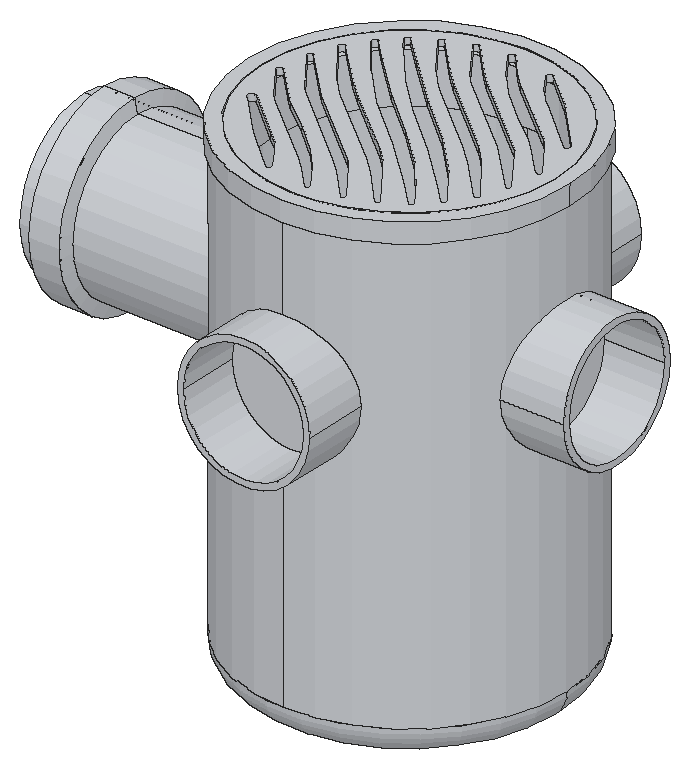
Revit family "Caixa Sifonada Montada_100x150x50 Completa - Caixas e Ralos - Esgoto - MEP - Tigre", category Plumbing Fixtures, host Face, Revit 2011 (continued)
Automatic sketch dimensions
  Extrusion 11 sketch curve to Extrusion 11 sketch curve = 2.231 mm
  Extrusion 11 sketch curve to Extrusion 11 sketch curve = 2.515 mm  (x2)
  Extrusion 11 sketch curve to Extrusion 11 sketch curve = 0.565 mm  (x2)
  Extrusion 11 sketch curve to Extrusion 11 sketch curve = 5.226 mm  (x2)
  Extrusion 11 sketch curve to Extrusion 11 sketch curve = 2.545 mm  (x2)
  Extrusion 11 sketch curve to Extrusion 11 sketch curve = 1.21 mm  (x2)
  Extrusion 11 sketch curve to plane 1 "Center (Front/Back)" = 7.515 mm
  Extrusion 11 sketch curve to Extrusion 11 sketch curve = 1.934 mm  (x2)
  Extrusion 11 sketch curve to Extrusion 11 sketch curve = 3.641 mm  (x2)
  Extrusion 11 sketch curve to plane 1 "Center (Front/Back)" = 4.594 mm
  Extrusion 11 sketch curve to plane 3 "Center (Left/Right)" = 2.394 mm
  Extrusion 11 sketch curve to plane 1 "Center (Front/Back)" = 4.455 mm
  Extrusion 11 sketch curve to Extrusion 11 sketch curve = 1.893 mm  (x2)
  Extrusion 11 sketch curve to plane 1 "Center (Front/Back)" = 3.468 mm
  Extrusion 11 sketch curve to plane 1 "Center (Front/Back)" = 3.154 mm
  Extrusion 11 sketch curve to plane 1 "Center (Front/Back)" = 2.444 mm
  Extrusion 11 sketch curve to plane 1 "Center (Front/Back)" = 2.421 mm
  Extrusion 11 sketch curve to plane 1 "Center (Front/Back)" = 1.747 mm
  Extrusion 11 sketch curve to plane 1 "Center (Front/Back)" = 1.745 mm
  Extrusion 11 sketch curve to plane 1 "Center (Front/Back)" = 0.953 mm
  Extrusion 11 sketch curve to plane 1 "Center (Front/Back)" = 0.562 mm
  Extrusion 11 sketch curve to plane 1 "Center (Front/Back)" = 0.375 mm
  Extrusion 11 sketch curve to plane 1 "Center (Front/Back)" = 0.24 mm
  plane 1 "Center (Front/Back)" to Extrusion 11 sketch curve = 0.24 mm
  plane 1 "Center (Front/Back)" to Extrusion 11 sketch curve = 0.375 mm
  plane 1 "Center (Front/Back)" to Extrusion 11 sketch curve = 0.562 mm
  plane 1 "Center (Front/Back)" to Extrusion 11 sketch curve = 0.953 mm
  plane 1 "Center (Front/Back)" to Extrusion 11 sketch curve = 1.745 mm
  plane 1 "Center (Front/Back)" to Extrusion 11 sketch curve = 1.747 mm
  Extrusion 11 sketch curve to Extrusion 11 sketch curve = 1.859 mm
  plane 1 "Center (Front/Back)" to Extrusion 11 sketch curve = 2.444 mm
  plane 1 "Center (Front/Back)" to Extrusion 11 sketch curve = 3.154 mm
  Extrusion 11 sketch curve to Extrusion 11 sketch curve = 1.723 mm
  plane 1 "Center (Front/Back)" to Extrusion 11 sketch curve = 3.601 mm
  plane 1 "Center (Front/Back)" to Extrusion 11 sketch curve = 4.455 mm
  plane 1 "Center (Front/Back)" to Extrusion 11 sketch curve = 4.594 mm
  plane 1 "Center (Front/Back)" to Extrusion 11 sketch curve = 5.581 mm
  Extrusion 11 sketch curve to Extrusion 11 sketch curve = 6.146 mm
  Extrusion 11 sketch curve to Extrusion 11 sketch curve = 9.597 mm
  Extrusion 11 sketch curve to Extrusion 11 sketch curve = 2.261 mm  (x2)
  plane 3 "Center (Left/Right)" to Extrusion 11 sketch curve = 3.453 mm
  Extrusion 11 sketch curve to Extrusion 11 sketch curve = 7.401 mm
  Extrusion 11 sketch curve to Extrusion 11 sketch curve = 2.972 mm
  Extrusion 11 sketch curve to Extrusion 11 sketch curve = 7.628 mm
  Extrusion 11 sketch curve to Extrusion 11 sketch curve = 7.456 mm
  Extrusion 11 sketch curve to Extrusion 11 sketch curve = 3.032 mm
  plane 3 "Center (Left/Right)" to Extrusion 11 sketch curve = 0.007 mm
  Extrusion 11 sketch curve to Extrusion 11 sketch curve = 0.488 mm
  Extrusion 11 sketch curve to plane 3 "Center (Left/Right)" = 3.101 mm
  Extrusion 11 sketch curve to Extrusion 11 sketch curve = 2.756 mm
  Extrusion 11 sketch curve to Extrusion 11 sketch curve = 0.836 mm
  plane 3 "Center (Left/Right)" to Extrusion 11 sketch curve = 2.701 mm
  Extrusion 11 sketch curve to Extrusion 11 sketch curve = 1.593 mm
  plane 3 "Center (Left/Right)" to Extrusion 11 sketch curve = 1.35 mm
  Extrusion 11 sketch curve to plane 3 "Center (Left/Right)" = 17.095 mm
  Extrusion 11 sketch curve to Extrusion 11 sketch curve = 1.431 mm
  plane 3 "Center (Left/Right)" to Extrusion 11 sketch curve = 19.405 mm
  plane 3 "Center (Left/Right)" to Extrusion 11 sketch curve = 12.072 mm
  plane 3 "Center (Left/Right)" to Extrusion 11 sketch curve = 10.653 mm
  plane 3 "Center (Left/Right)" to Extrusion 11 sketch curve = 1.499 mm
  plane 3 "Center (Left/Right)" to Extrusion 11 sketch curve = 0.716 mm
  plane 3 "Center (Left/Right)" to Extrusion 11 sketch curve = 0.012 mm
  Extrusion 11 sketch curve to Extrusion 11 sketch curve = 18.882 mm
  Extrusion 11 sketch curve to Extrusion 11 sketch curve = 1.974 mm
  Extrusion 11 sketch curve to Extrusion 11 sketch curve = 1.743 mm
  Extrusion 11 sketch curve to Extrusion 11 sketch curve = 53.478 mm
  Extrusion 11 sketch curve to Extrusion 11 sketch curve = 127.934 mm
  Extrusion 11 sketch curve to Extrusion 11 sketch curve = 82.855 mm
  Extrusion 11 sketch curve to Extrusion 11 sketch curve = 34.462 mm
  Extrusion 11 sketch curve to Extrusion 11 sketch curve = 0.268 mm
  Extrusion 11 sketch curve to Extrusion 11 sketch curve = 35.178 mm
  Extrusion 11 sketch curve to Extrusion 11 sketch curve = 0.325 mm
  Extrusion 11 sketch curve to Extrusion 11 sketch curve = 23.673 mm
  Extrusion 11 sketch curve to Extrusion 11 sketch curve = 0.823 mm
  Extrusion 11 sketch curve to Extrusion 11 sketch curve = 0.012 mm  (x2)
  Extrusion 11 sketch curve to Extrusion 11 sketch curve = 0.756 mm
  Extrusion 11 sketch curve to Extrusion 11 sketch curve = 3.003 mm
  Extrusion 11 sketch curve to Extrusion 11 sketch curve = 4.827 mm
  Extrusion 11 sketch curve to Extrusion 11 sketch curve = 1.906 mm  (x2)
  Extrusion 11 sketch curve to Extrusion 11 sketch curve = 0.843 mm
  Extrusion 11 sketch curve to Extrusion 11 sketch curve = 1.424 mm
  Extrusion 11 sketch curve to Extrusion 11 sketch curve = 3.414 mm
  Extrusion 11 sketch curve to Extrusion 11 sketch curve = 3.509 mm  (x2)
  Extrusion 11 sketch curve to Extrusion 11 sketch curve = 2.376 mm
  Extrusion 11 sketch curve to Extrusion 11 sketch curve = 0.783 mm
  Extrusion 11 sketch curve to Extrusion 11 sketch curve = 2.211 mm
  Extrusion 11 sketch curve to Extrusion 11 sketch curve = 3.072 mm
  Extrusion 11 sketch curve to Extrusion 11 sketch curve = 0.838 mm
  Extrusion 11 sketch curve to Extrusion 11 sketch curve = 9.255 mm
  Extrusion 11 sketch curve to Extrusion 11 sketch curve = 1.789 mm
  Extrusion 11 sketch curve to Extrusion 11 sketch curve = 2.826 mm
  Extrusion 11 sketch curve to Extrusion 11 sketch curve = 5.511 mm
  Extrusion 11 sketch curve to Extrusion 11 sketch curve = 5.579 mm
  Extrusion 11 sketch curve to Extrusion 11 sketch curve = 4.311 mm  (x2)
  Extrusion 11 sketch curve to Extrusion 11 sketch curve = 4.189 mm
  Extrusion 11 sketch curve to Extrusion 11 sketch curve = 3.575 mm
  Extrusion 11 sketch curve to Extrusion 11 sketch curve = 0.766 mm
  Extrusion 11 sketch curve to Extrusion 11 sketch curve = 5.526 mm
  Extrusion 11 sketch curve to Extrusion 11 sketch curve = 1.848 mm
  Extrusion 11 sketch curve to Extrusion 11 sketch curve = 1.872 mm  (x2)
  Extrusion 11 sketch curve to Extrusion 11 sketch curve = 2.523 mm
  Extrusion 11 sketch curve to Extrusion 11 sketch curve = 2.048 mm
  Extrusion 11 sketch curve to Extrusion 11 sketch curve = 3.624 mm
  Extrusion 11 sketch curve to Extrusion 11 sketch curve = 1.291 mm  (x2)
  Extrusion 11 sketch curve to Extrusion 11 sketch curve = 6.114 mm
  Extrusion 11 sketch curve to Extrusion 11 sketch curve = 0.705 mm
  Extrusion 11 sketch curve to Extrusion 11 sketch curve = 4.23 mm
  Extrusion 11 sketch curve to Extrusion 11 sketch curve = 7.599 mm
  Extrusion 11 sketch curve to Extrusion 11 sketch curve = 4.028 mm
  Extrusion 11 sketch curve to Extrusion 11 sketch curve = 0.682 mm
  Extrusion 11 sketch curve to Extrusion 11 sketch curve = 5.741 mm  (x2)
  Extrusion 11 sketch curve to Extrusion 11 sketch curve = 0.63 mm  (x2)
  Extrusion 11 sketch curve to Extrusion 11 sketch curve = 0.745 mm
  Extrusion 11 sketch curve to Extrusion 11 sketch curve = 2.732 mm
  Extrusion 11 sketch curve to Extrusion 11 sketch curve = 0.182 mm
  Extrusion 11 sketch curve to plane 3 "Center (Left/Right)" = 5.67 mm
  Extrusion 11 sketch curve to Extrusion 11 sketch curve = 0.539 mm
  Extrusion 11 sketch curve to plane 3 "Center (Left/Right)" = 3.516 mm
  Extrusion 11 sketch curve to plane 3 "Center (Left/Right)" = 1.499 mm
  plane 3 "Center (Left/Right)" to Extrusion 11 sketch curve = 2.394 mm
  plane 3 "Center (Left/Right)" to Extrusion 11 sketch curve = 3.025 mm
  plane 3 "Center (Left/Right)" to Extrusion 11 sketch curve = 3.516 mm
  Extrusion 11 sketch curve to Extrusion 11 sketch curve = 7.211 mm
  Extrusion 11 sketch curve to Extrusion 11 sketch curve = 1.885 mm
  Extrusion 11 sketch curve to Extrusion 11 sketch curve = 2.495 mm
  Extrusion 11 sketch curve to Extrusion 11 sketch curve = 0.384 mm
  Extrusion 11 sketch curve to Extrusion 11 sketch curve = 0.851 mm
  Extrusion 11 sketch curve to Extrusion 11 sketch curve = 0.644 mm
  Extrusion 11 sketch curve to Extrusion 11 sketch curve = 3.877 mm
  Extrusion 11 sketch curve to Extrusion 11 sketch curve = 0.353 mm
  Extrusion 11 sketch curve to Extrusion 11 sketch curve = 2.341 mm
  Extrusion 11 sketch curve to Extrusion 11 sketch curve = 1.081 mm
  Extrusion 11 sketch curve to Extrusion 11 sketch curve = 3.779 mm
  Extrusion 11 sketch curve to Extrusion 11 sketch curve = 2.13 mm
  Extrusion 11 sketch curve to Extrusion 11 sketch curve = 0.715 mm
  Extrusion 11 sketch curve to Extrusion 11 sketch curve = 3.522 mm
  Extrusion 11 sketch curve to Extrusion 11 sketch curve = 0.77 mm
  Extrusion 11 sketch curve to Extrusion 11 sketch curve = 0.679 mm
  Extrusion 11 sketch curve to Extrusion 11 sketch curve = 0.739 mm
  Extrusion 11 sketch curve to Extrusion 11 sketch curve = 18.94 mm
  Extrusion 12 sketch curve to plane 1 "Center (Front/Back)" = 50.00 mm
  Extrusion 12 sketch curve to Extrusion 12 sketch curve = 2.50 mm  (x4)
  plane 1 "Center (Front/Back)" to Extrusion 12 sketch curve = 47.50 mm
  Extrusion 12 sketch curve to plane 3 "Center (Left/Right)" = 50.00 mm
  plane 3 "Center (Left/Right)" to Extrusion 12 sketch curve = 47.50 mm
  plane 1 "Center (Front/Back)" to Extrusion 13 sketch curve = 0.00 mm
  Extrusion 13 sketch curve to plane 3 "Center (Left/Right)" = 0.00 mm
  Extrusion 13 sketch curve to plane 1 "Center (Front/Back)" = 47.50 mm
  plane 1 "Center (Front/Back)" to Extrusion 13 sketch curve = 47.50 mm
  Extrusion 13 sketch curve to plane 3 "Center (Left/Right)" = 47.50 mm
  plane 3 "Center (Left/Right)" to Extrusion 13 sketch curve = 47.50 mm
  Sweep 14 sketch curve to Sweep 14 sketch curve = 0.00 mm  (x2)
  plane 1 "Center (Front/Back)" to Sweep 14 sketch curve = 0.00 mm
  Sweep 14 sketch curve to profile plane = 0.00 mm
  Revolve 15 sketch curve to plane 3 "Center (Left/Right)" = 46.47 mm
  Revolve 15 sketch curve to Revolve 15 sketch curve = 1.278 mm
  Revolve 15 sketch curve to Revolve 15 sketch curve = 1.002 mm
  Revolve 15 sketch curve to plane 5 = 0.734 mm
  Revolve 15 sketch curve to plane 9 = 1.734 mm
  Sweep 16 sketch curve to Sweep 16 sketch curve = 0.00 mm  (x2)
  plane 1 "Center (Front/Back)" to Sweep 16 sketch curve = 0.00 mm
  Sweep 16 sketch curve to profile plane = 0.00 mm
  plane 1 "Center (Front/Back)" to Sweep 17 sketch curve = 0.00 mm
  plane 3 "Center (Left/Right)" to Sweep 17 sketch curve = 48.75 mm
  Sweep 17 sketch curve to Sweep 17 sketch curve = 20.15 mm
  plane 6 to Sweep 17 sketch curve = 0.00 mm
  Sweep 17 sketch curve to profile plane = 0.00 mm
  Sweep 18 sketch curve to plane 3 "Center (Left/Right)" = 0.00 mm
  Sweep 18 sketch curve to plane 1 "Center (Front/Back)" = 48.75 mm
  Sweep 18 sketch curve to Sweep 18 sketch curve = 20.15 mm
  Sweep 18 sketch curve to plane 6 = 0.00 mm
  profile plane to Sweep 18 sketch curve = 0.00 mm
  Sweep 19 sketch curve to plane 3 "Center (Left/Right)" = 0.00 mm
  plane 1 "Center (Front/Back)" to Sweep 19 sketch curve = 48.75 mm
  Sweep 19 sketch curve to Sweep 19 sketch curve = 20.15 mm
  Sweep 19 sketch curve to plane 6 = 0.00 mm
  Sweep 19 sketch curve to profile plane = 0.00 mm
  plane 1 "Center (Front/Back)" to Sweep 20 sketch curve = 0.00 mm
  Sweep 20 sketch curve to plane 3 "Center (Left/Right)" = 107.80 mm
  Sweep 20 sketch curve to Sweep 20 sketch curve = 42.419 mm
  plane 6 to Sweep 20 sketch curve = 0.00 mm
  Sweep 20 sketch curve to profile plane = 0.00 mm
  radius of Extrusion 10 sketch curve = 48.60 mm
  radius of Extrusion 13 sketch curve = 46.47 mm
  radius of Sweep 14 sketch curve = 53.50 mm
  radius of Sweep 14 sketch curve = 48.75 mm
  radius of Sweep 16 sketch curve = 46.47 mm
  radius of Sweep 16 sketch curve = 47.748 mm
Nested families
  nested 1: "Prolongamento para Caixa Sifonada - Caixas e Ralos - Esgoto - MEP - Tigre" at (0, 0, -6.5), Comprimento do Tubo <- "Comprimento do Tubo", visible <- "Prolongador", Acabamento <- "Plolongador.", Tigre: Comentários <- "Tigre: Comentários", Tigre: Marcador <- "Tigre: Marcador", type "100 x 100 mm"
    with Tigre: Marcador "00", Tigre: Código com Separador "27.30.748.5", Tigre: Código 27307485, Tigre: Comentários "", Comprimento do Tubo 1.00 mm, Acabamento none
Connectors
  piping at (-65.381, 0, -56.5), driven by "Raio Nominal 1"
    settings: on cut or joined group of Sweep 1, Revolve 2, Sweep 3, Sweep 4, Sweep 5, SweptBlend 6, Sweep 7, SweptBlend 8, Sweep 9, Sweep 17, Sweep 18, Sweep 19, Sweep 20, index 1, connector radius 25.00 mm, flow factor 0, pipe flow 0 GPM, pressure drop 0.00 psi, fitting loss kfactor 0, connector angle 0.00°, fixture units 0, engagement length 0.00 mm, flow configuration 0, flow direction 2, fitting loss method 0, system type 16, joint type 0, gender type 0, connector reference index 2, connector utility 1, adjustable connector yes, is connector primary yes, fitting loss table "", connector description ""
  piping at (48.75, 0, -56.5), driven by "Raio Nominal 2"
    settings: on cut or joined group of Sweep 1, Revolve 2, Sweep 3, Sweep 4, Sweep 5, SweptBlend 6, Sweep 7, SweptBlend 8, Sweep 9, Sweep 17, Sweep 18, Sweep 19, Sweep 20, index 2, connector radius 20.00 mm, flow factor 0, pipe flow 0 GPM, pressure drop 0.00 psi, fitting loss kfactor 0, connector angle 0.00°, fixture units 0, engagement length 0.00 mm, flow configuration 0, flow direction 1, fitting loss method 0, system type 16, joint type 0, gender type 0, connector reference index 1, connector utility 1, adjustable connector yes, is connector primary no, fitting loss table "", connector description ""
  piping at (0, -48.75, -56.5), driven by "Raio Nominal 2"
    settings: on cut or joined group of Sweep 1, Revolve 2, Sweep 3, Sweep 4, Sweep 5, SweptBlend 6, Sweep 7, SweptBlend 8, Sweep 9, Sweep 17, Sweep 18, Sweep 19, Sweep 20, index 3, connector radius 20.00 mm, flow factor 0, pipe flow 0 GPM, pressure drop 0.00 psi, fitting loss kfactor 0, connector angle 0.00°, fixture units 0, engagement length 0.00 mm, flow configuration 0, flow direction 1, fitting loss method 0, system type 16, joint type 0, gender type 0, connector reference index 4, connector utility 1, adjustable connector yes, is connector primary no, fitting loss table "", connector description ""
  piping at (0, 48.75, -56.5), driven by "Raio Nominal 2"
    settings: on cut or joined group of Sweep 1, Revolve 2, Sweep 3, Sweep 4, Sweep 5, SweptBlend 6, Sweep 7, SweptBlend 8, Sweep 9, Sweep 17, Sweep 18, Sweep 19, Sweep 20, index 4, connector radius 20.00 mm, flow factor 0, pipe flow 0 GPM, pressure drop 0.00 psi, fitting loss kfactor 0, connector angle 0.00°, fixture units 0, engagement length 0.00 mm, flow configuration 0, flow direction 1, fitting loss method 0, system type 16, joint type 0, gender type 0, connector reference index 3, connector utility 1, adjustable connector yes, is connector primary no, fitting loss table "", connector description ""
Definition of nested family "Prolongamento para Caixa Sifonada - Caixas e Ralos - Esgoto - MEP - Tigre"
  Parameters (values of type "100 x 100 mm")
    Unifilar = Diâmetro Nominal * 0.4  # 40.00 mm
    URL = "http://www.tigre.com.br"
    Type Comments = ""
    Tigre: Sistema = "Esgoto"  # constant formula
    Tigre: Norma = ""
    Tigre: Material = "PVC Branco"  # constant formula
    Tigre: Marcador [instance] = "00"
    Tigre: Link do Produto = "http://www.tigre.com.br/pt/produtos_unico.php?rcr_id=4&cpr_id=10&cpr_id_pai=4&lnh_id=11&prd_id=150"
    Tigre: Linha = "Caixas e Ralos"  # constant formula
    Tigre: Fabricante = "© Tigre S/A"  # constant formula
    Tigre: Descrição = "Prolongamento p/ Caixa Sifonada 100 x 100mm, Esgoto - TIGRE"
    Tigre: Código com Separador [instance] = "27.30.748.5"
    Tigre: Código [instance] = 27307485
    Tigre: Comentários [instance] = ""
    Raio Nominal = 50.00 mm
    Raio Externo = 48.40 mm
    Raio Interno = 0.98 * Raio Externo  # 47.432 mm
    Model = ""
    Manufacturer = Tigre: Fabricante  # "© Tigre S/A"
    Diâmetro Nominal = Raio Nominal * 2  # 100.00 mm
    Description = Tigre: Descrição  # "Prolongamento p/ Caixa Sifonada 100 x 100mm, Esgoto - TIGRE"
    Default Elevation = 0.00 mm
    Comprimento do Tubo [instance] = 100.00 mm
    Acabamento [instance] = none
  Types (7, lengths in mm): name | Unifilar | Tigre: Descrição | Tigre: Código com Separador | Tigre: Código | Raio Nominal | Raio Externo | Raio Interno | Diâmetro Nominal | Description | Comprimento do Tubo
    (no name) | 40.00 | "Prolongamento p/ Caixa Sifonada 100 x 100mm, Esgoto - TIGRE" | "27.30.748.5" | 27307485 | 50.00 | 48.40 | 47.432 | 100.00 | "Prolongamento p/ Caixa Sifonada 100 x 100mm, Esgoto - TIGRE" | 100.00
    100 x 100 mm | 40.00 | "Prolongamento p/ Caixa Sifonada 100 x 100mm, Esgoto - TIGRE" | "27.30.748.5" | 27307485 | 50.00 | 48.40 | 47.432 | 100.00 | "Prolongamento p/ Caixa Sifonada 100 x 100mm, Esgoto - TIGRE" | 100.00
    100 x 150 mm | 40.00 | "Prolongamento p/ Caixa Sifonada 100 x 150mm, Esgoto - TIGRE" | "27.30.749.3" | 27307493 | 50.00 | 48.40 | 47.432 | 100.00 | "Prolongamento p/ Caixa Sifonada 100 x 150mm, Esgoto - TIGRE" | 150.00
    100 x 200 mm | 40.00 | "Prolongamento p/ Caixa Sifonada 100 x 200mm, Esgoto - TIGRE" | "27.30.750.7" | 27307507 | 50.00 | 48.40 | 47.432 | 100.00 | "Prolongamento p/ Caixa Sifonada 100 x 200mm, Esgoto - TIGRE" | 200.00
    150 x 150 mm | 60.00 | "Prolongamento p/ Caixa Sifonada 150 x 150mm, Esgoto - TIGRE" | "27.30.815.5" | 27308155 | 75.00 | 74.00 | 72.52 | 150.00 | "Prolongamento p/ Caixa Sifonada 150 x 150mm, Esgoto - TIGRE" | 150.00
    150 x 200 mm | 60.00 | "Prolongamento p/ Caixa Sifonada 150 x 200mm, Esgoto - TIGRE" | "27.30.820.1" | 27308201 | 75.00 | 74.00 | 72.52 | 150.00 | "Prolongamento p/ Caixa Sifonada 150 x 200mm, Esgoto - TIGRE" | 200.00
    250 x 200 mm | 100.00 | "Prolongamento p/ Caixa Sifonada 250 x 200mm, Esgoto - TIGRE" | "27.30.900.3" | 27309003 | 125.00 | 123.50 | 121.03 | 250.00 | "Prolongamento p/ Caixa Sifonada 250 x 200mm, Esgoto - TIGRE" | 200.00
  Reference planes
    plane 1 "Center (Front/Back)": y = 0
    plane 2: z = 0
    plane 3 "Center (Left/Right)": x = 0
    plane 4: z = -100
    plane 5: z = 0
  Forms (mm)
    Sweep 1, solid, material <- "Acabamento", detail levels fine
      path origin (0, 0, 0) x (0, 0, -1) y (0, 1, 0)
        loop
          line (0, 0) -> (100, 0)
      profile origin (0, 0, -50) x (1, 0, 0) y (0, 1, 0)
        loop
          circle (0, 0) r 47.432
        loop
          circle (0, 0) r 48.4
  Dimensions and locks
    "Comprimento do Tubo": plane 5 to plane 4
    "Raio Externo": radius of Sweep 1 sketch curve
    "Raio Interno": radius of Sweep 1 sketch curve
    aligned and locked: plane 1 "Center (Front/Back)" to Sweep 1 sketch curve
    aligned and locked: level to Sweep 1 sketch curve
    aligned and locked: plane 4 to Sweep 1 sketch curve
  Automatic sketch dimensions
    Sweep 1 sketch curve to Sweep 1 sketch curve = 0.00 mm  (x2)
    Sweep 1 sketch curve to profile plane = 0.00 mm  (x2)
Types (4, lengths in mm): name | Tigre: Link do Produto | Tigre: Descrição | Tigre: Código com Separador | Tigre: Código | Porta Grelha Redonda | Porta Grelha Quadrada | Grelha Redonda | Grelha Quadrada | Description
  (no name) | "http://www.tigre.com.br/pt/produtos_unico.php?rcr_id=4&cpr_id=10&cpr_id_pai=4&lnh_id=11&prd_id=126" | "Caixa Sifonada Montada c/ Grelha e Porta Grelha, redondos brancos 100 x 150 x 50mm, Esgoto - TIGRE" | "27.03.951.0" | 27039510 | yes | no | yes | no | "Caixa Sifonada Montada c/ Grelha e Porta Grelha, redondos brancos 100 x 150 x 50mm, Esgoto - TIGRE"
  Grelha e porta grelha quadrados brancos - DN 100 x 150 x 50 | "http://www.tigre.com.br/pt/produtos_unico.php?rcr_id=4&cpr_id=10&cpr_id_pai=4&lnh_id=11&prd_id=126" | "Caixa Sifonada Montada c/ Grelha e Porta Grelha, quadrados brancos 100 x 150 x 50mm, Esgoto - TIGRE" | "27.03.949.9" | 27039499 | no | yes | no | yes | "Caixa Sifonada Montada c/ Grelha e Porta Grelha, quadrados brancos 100 x 150 x 50mm, Esgoto - TIGRE"
  Grelha e porta grelha redondos brancos - DN 100 x 150 x 50 | "http://www.tigre.com.br/pt/produtos_unico.php?rcr_id=4&cpr_id=10&cpr_id_pai=4&lnh_id=11&prd_id=126" | "Caixa Sifonada Montada c/ Grelha e Porta Grelha, redondos brancos 100 x 150 x 50mm, Esgoto - TIGRE" | "27.03.951.0" | 27039510 | yes | no | yes | no | "Caixa Sifonada Montada c/ Grelha e Porta Grelha, redondos brancos 100 x 150 x 50mm, Esgoto - TIGRE"
  Corpo - DN 100 x 150 x 50 | "http://www.tigre.com.br/pt/produtos_unico.php?rcr_id=4&cpr_id=10&cpr_id_pai=4&lnh_id=11&prd_id=131" | "Corpo Caixa Sifonada 100 x 150 x 50mm, Esgoto - TIGRE" | "27.15.021.7" | 27150217 | no | no | no | no | "Corpo Caixa Sifonada 100 x 150 x 50mm, Esgoto - TIGRE"
